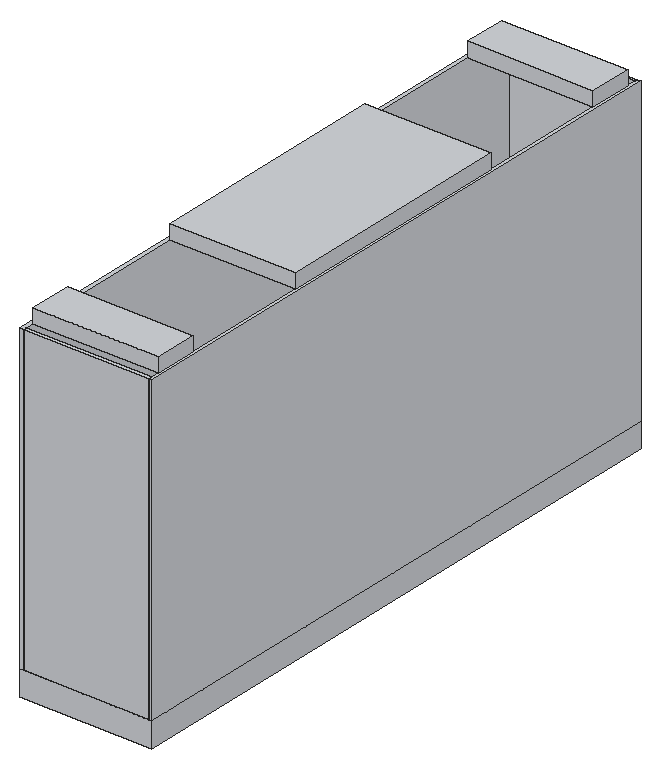
Revit family "GIS_BayFrame", category Modelos genéricos, Revit 2027
Family settings
  Pode hospedar o vergalhão = Não
  Cota do conector redondo = Utilizar diâmetro
  Tipo de parte = Normal
  Com base no plano de trabalho = Não
  Sempre na vertical = Sim
  Corte com vazios quando carregada = Não
  Manter orientação da anotação = Não
  Compartilhado = Não
  Ponto de cálculo do ambiente = Não
Parameters (values of type "GIS_BAY_F35_145KV_DIGITAL_SF6_BAY_ENVELOPE")
  Elevação padrão = 0 mm
  BIM_TensaoSecundaria_kV = 0
  BIM_TensaoNominal_kV = 138
  BIM_TensaoClasse_kV = 145
  BIM_TensaoClasseSecundaria_kV = 0
  BIM_TensaoAuxiliarCA_kV = 0
  BIM_Sistema_Elemento [instance] = ""
  BIM_ReferenciaCatalogo = "GE Vernova F35-145 Dual Gas brochure GEA-33282, 2025, p. 6, Fully Digital SF6 Bay / Bay Dimensions: published envelope 800 x 3,700 x 2,500 mm. This is a product reference, not a project-specific order GA; module positions, terminals and clearances are not defined."
  BIM_Profundidade = 3700 mm
  BIM_Potencia_MVA = 0
  BIM_Localizacao [instance] = ""
  BIM_Largura = 800 mm
  BIM_Impedancia_pu = 0
  BIM_FonteGeometria = "GE Vernova F35-145 Dual Gas brochure GEA-33282, 2025, p. 6, Fully Digital SF6 Bay / Bay Dimensions: published envelope 800 x 3,700 x 2,500 mm. This is a product reference, not a project-specific order GA; module positions, terminals and clearances are not defined."
  BIM_Fabricante = "NAO SELECIONADO"
  BIM_EstadoGeometria = "PUBLISHED_BAY_ENVELOPE_REFERENCE"
  BIM_EstadoEspecificacao = "PREMISSA / NAO SELECIONADO"
  BIM_DescricaoEstudo = "F35-145 fully digital SF6 bay envelope reference, published 800 x 3,700 x 2,500 mm. The closed envelope uses qualitative external access/control/drive-face details; it is not an order-specific GA. No internal OEM components, terminal coordinates or project clearances are represented."
  BIM_CorrenteReferenciaSecundaria_A = 0
  BIM_CorrenteNominal_A = 0
  BIM_Bay [instance] = ""
  BIM_AlturaCorpoPrincipal = 150 mm
  BIM_Altura = 2500 mm
Reference planes
  plane 1 "Centro (Frente/Trás)": y = 0
  plane 2: z = 0
  plane 3 "Centro (Esquerda/Direita)": x = 0
  plane 4 "BIM Left": x = -400
  plane 5 "BIM Right": x = 400
  plane 6 "BIM Front": y = -1850
  plane 7 "BIM Back": y = 1850
Forms (mm)
  Extrusion 1, solid
    sketch origin (0, 0, 0) x (1, 0, 0) y (0, 1, 0)
      loop
        line (-400, -1850) -> (400, -1850) -> (400, 1850) -> (-400, 1850) -> (-400, -1850)
    from 0 to 150 <- "BIM_AlturaCorpoPrincipal"
  Extrusion 2, solid
    sketch origin (0, 0, 150) x (1, 0, 0) y (0, 1, 0)
      loop
        line (-400, -1850) -> (-380, -1850) -> (-380, 1850) -> (-400, 1850) -> (-400, -1850)
    from 0 to 1850
  Extrusion 3, solid
    sketch origin (0, 0, 150) x (1, 0, 0) y (0, 1, 0)
      loop
        line (380, -1850) -> (400, -1850) -> (400, 1850) -> (380, 1850) -> (380, -1850)
    from 0 to 1850
  Extrusion 4, solid
    sketch origin (0, 0, 150) x (1, 0, 0) y (0, 1, 0)
      loop
        line (-380, -1850) -> (380, -1850) -> (380, -1830) -> (-380, -1830) -> (-380, -1850)
    from 0 to 1850
  Extrusion 5, solid
    sketch origin (0, 0, 150) x (1, 0, 0) y (0, 1, 0)
      loop
        line (-380, 1830) -> (380, 1830) -> (380, 1850) -> (-380, 1850) -> (-380, 1830)
    from 0 to 1850
  Extrusion 6, solid
    sketch origin (0, 0, 2000) x (1, 0, 0) y (0, 1, 0)
      loop
        line (-380, -740) -> (380, -740) -> (380, 740) -> (-380, 740) -> (-380, -740)
    from 0 to 87.5
  Extrusion 7, solid
    sketch origin (0, 0, 2000) x (1, 0, 0) y (0, 1, 0)
      loop
        line (-380, -1776) -> (380, -1776) -> (380, -1517) -> (-380, -1517) -> (-380, -1776)
    from 0 to 87.5
  Extrusion 8, solid
    sketch origin (0, 0, 2000) x (1, 0, 0) y (0, 1, 0)
      loop
        line (-380, 1517) -> (380, 1517) -> (380, 1776) -> (-380, 1776) -> (-380, 1517)
    from 0 to 87.5
  Extrusion 9, solid
    sketch origin (0, 0, 650) x (1, 0, 0) y (0, 1, 0)
      loop
        line (380, -407) -> (400, -407) -> (400, 333) -> (380, 333) -> (380, -407)
    from 0 to 1200
  Extrusion 10, solid
    sketch origin (0, 0, 1490) x (1, 0, 0) y (0, 1, 0)
      loop
        line (380, -310.8) -> (400, -310.8) -> (400, 74) -> (380, 74) -> (380, -310.8)
    from 0 to 96
  Extrusion 11, solid
    sketch origin (0, 0, 914) x (1, 0, 0) y (0, 1, 0)
      loop
        line (380, 148) -> (400, 148) -> (400, 173.9) -> (380, 173.9) -> (380, 148)
    from 0 to 240
  Extrusion 12, solid
    sketch origin (0, 0, 700) x (1, 0, 0) y (0, 1, 0)
      loop
        line (380, 666) -> (400, 666) -> (400, 1258) -> (380, 1258) -> (380, 666)
    from 0 to 600
  Extrusion 13, solid
    sketch origin (0, 0, 1350) x (1, 0, 0) y (0, 1, 0)
      loop
        line (380, 795.5) -> (400, 795.5) -> (400, 1128.5) -> (380, 1128.5) -> (380, 795.5)
    from 0 to 62.5
Dimensions and locks
  "BIM_Largura": plane 4 "BIM Left" to plane 5 "BIM Right"
  "BIM_Profundidade": plane 6 "BIM Front" to plane 7 "BIM Back"
  aligned and locked: level to plane 2
  aligned and locked: plane 4 "BIM Left" to Extrusion 1
  aligned and locked: Extrusion 1 to plane 5 "BIM Right"
  aligned and locked: Extrusion 1 to plane 6 "BIM Front"
  aligned and locked: plane 7 "BIM Back" to Extrusion 1
Automatic sketch dimensions
  Extrusion 1 sketch curve to plane 4 "BIM Left" = 0 mm
  Extrusion 1 sketch curve to plane 5 "BIM Right" = 0 mm
  Extrusion 1 sketch curve to plane 6 "BIM Front" = 0 mm
  Extrusion 1 sketch curve to plane 7 "BIM Back" = 0 mm
  Extrusion 2 sketch curve to plane 4 "BIM Left" = 0 mm
  Extrusion 2 sketch curve to plane 7 "BIM Back" = 0 mm
  Extrusion 2 sketch curve to plane 6 "BIM Front" = 0 mm
  Extrusion 2 sketch curve to plane 4 "BIM Left" = 20 mm
  Extrusion 3 sketch curve to plane 6 "BIM Front" = 0 mm
  Extrusion 3 sketch curve to plane 7 "BIM Back" = 0 mm
  Extrusion 3 sketch curve to plane 5 "BIM Right" = 0 mm
  plane 5 "BIM Right" to Extrusion 3 sketch curve = 20 mm
  Extrusion 4 sketch curve to plane 6 "BIM Front" = 0 mm
  Extrusion 4 sketch curve to plane 4 "BIM Left" = 20 mm
  plane 5 "BIM Right" to Extrusion 4 sketch curve = 20 mm
  plane 6 "BIM Front" to Extrusion 4 sketch curve = 20 mm
  Extrusion 5 sketch curve to plane 7 "BIM Back" = 0 mm
  Extrusion 5 sketch curve to plane 4 "BIM Left" = 20 mm
  plane 5 "BIM Right" to Extrusion 5 sketch curve = 20 mm
  Extrusion 5 sketch curve to plane 7 "BIM Back" = 20 mm
  Extrusion 6 sketch curve to plane 4 "BIM Left" = 20 mm
  plane 5 "BIM Right" to Extrusion 6 sketch curve = 20 mm
  plane 1 "Centro (Frente/Trás)" to Extrusion 6 sketch curve = 740 mm
  Extrusion 6 sketch curve to plane 1 "Centro (Frente/Trás)" = 740 mm
  Extrusion 7 sketch curve to plane 4 "BIM Left" = 20 mm
  plane 5 "BIM Right" to Extrusion 7 sketch curve = 20 mm
  plane 6 "BIM Front" to Extrusion 7 sketch curve = 74 mm
  Extrusion 7 sketch curve to Extrusion 7 sketch curve = 259 mm
  Extrusion 8 sketch curve to plane 4 "BIM Left" = 20 mm
  plane 5 "BIM Right" to Extrusion 8 sketch curve = 20 mm
  Extrusion 8 sketch curve to plane 7 "BIM Back" = 333 mm
  Extrusion 8 sketch curve to plane 7 "BIM Back" = 74 mm
  Extrusion 9 sketch curve to plane 5 "BIM Right" = 0 mm
  plane 5 "BIM Right" to Extrusion 9 sketch curve = 20 mm
  plane 1 "Centro (Frente/Trás)" to Extrusion 9 sketch curve = 407 mm
  Extrusion 9 sketch curve to plane 1 "Centro (Frente/Trás)" = 333 mm
  Extrusion 10 sketch curve to plane 5 "BIM Right" = 0 mm
  plane 5 "BIM Right" to Extrusion 10 sketch curve = 20 mm
  plane 1 "Centro (Frente/Trás)" to Extrusion 10 sketch curve = 310.8 mm
  Extrusion 10 sketch curve to plane 1 "Centro (Frente/Trás)" = 74 mm
  Extrusion 11 sketch curve to plane 5 "BIM Right" = 0 mm
  plane 5 "BIM Right" to Extrusion 11 sketch curve = 20 mm
  Extrusion 11 sketch curve to plane 1 "Centro (Frente/Trás)" = 148 mm
  Extrusion 11 sketch curve to Extrusion 11 sketch curve = 25.9 mm
  Extrusion 12 sketch curve to plane 5 "BIM Right" = 0 mm
  plane 5 "BIM Right" to Extrusion 12 sketch curve = 20 mm
  Extrusion 12 sketch curve to plane 1 "Centro (Frente/Trás)" = 666 mm
  Extrusion 12 sketch curve to plane 7 "BIM Back" = 592 mm
  Extrusion 13 sketch curve to plane 5 "BIM Right" = 0 mm
  plane 5 "BIM Right" to Extrusion 13 sketch curve = 20 mm
  Extrusion 13 sketch curve to plane 1 "Centro (Frente/Trás)" = 795.5 mm
  Extrusion 13 sketch curve to Extrusion 13 sketch curve = 333 mm
